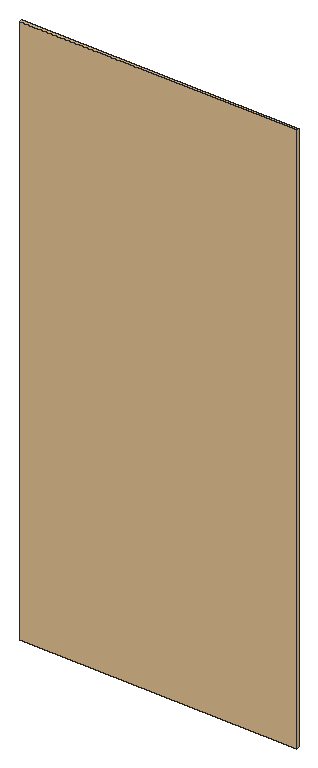
Revit family "American Walnut Veneer Chevron", category Generic Models, Revit 2017
Family settings
  Can host rebar = No
  Round Connector Dimension = Use Diameter
  Part Type = Normal
  Work Plane-Based = No
  Always vertical = Yes
  Cut with Voids When Loaded = No
  Shared = Yes
  Room Calculation Point = No
Parameters (values of type "2400 x 1200")
  Raw Finish Code = "EX24 AW-CHE"  # constant formula
  Material = none
  URL = "https://www.easycraft.com.au/products/253/expression-series"
  Panel_width = 1200 mm  # constant formula
  Panel_thickness = 10 mm  # constant formula
  Model = "Expression Series - Chevron"  # constant formula
  Manufacturer = "Easycraft Australia Pty Ltd ph 07 3906 7200"  # constant formula
  Panel_height = 2400 mm  # constant formula
  Description = "American Walnut Veneer"  # constant formula
  Clear Finish Code = "EX24 AW-CHE-CF"  # constant formula
  Assembly Code = ""
Reference planes
  plane 1 "Center (Front/Back)": y = 0
  plane 2: z = 0
  plane 3 "Center (Left/Right)": x = 0
  plane 4 "Panel face": y = -10
  plane 5: z = 2400
Forms (mm)
  Extrusion 1, solid, material "American Walnut Veneer"
    sketch origin (0, 0, 0) x (1, 0, 0) y (0, 1, 0)
      loop
        line (0, 0) -> (0, -10) -> (1200, -10) -> (1200, 0) -> (0, 0)
    from 0 to 2400
Lines and regions (mm)
  model lines, style "easycraft expressions pattern"
    curve 1: line (1050.456, -10, 0) -> (1050.456, -10, 2400)
    curve 2: line (748.908, -10, 0) -> (748.908, -10, 2288.818)
    curve 3: line (450.864, -10, 0) -> (450.864, -10, 2288.818)
    curve 4: line (149.317, -10, 0) -> (149.317, -10, 2400)
    curve 5: line (1200, -10, 58.221) -> (1141.551, -10, 0)
    curve 6: line (959.361, -10, 0) -> (899.799, -10, 59.562)
    curve 7: line (899.799, -10, 59.562) -> (840.003, -10, 0)
    curve 8: line (661.317, -10, 0) -> (601.755, -10, 59.562)
    curve 9: line (601.755, -10, 59.562) -> (538.689, -10, 0)
    curve 10: line (359.769, -10, 0) -> (300.207, -10, 59.562)
    curve 11: line (300.207, -10, 59.562) -> (240.645, -10, 0)
    curve 12: line (58.222, -10, 0) -> (0, -10, 58.222)
    curve 13: line (300.207, -10, 2400) -> (300.207, -10, 0)
    curve 14: line (601.755, -10, 2400) -> (601.755, -10, 0)
    curve 15: line (899.799, -10, 2400) -> (899.799, -10, 0)
    curve 16: line (0, -10, 198.368) -> (149.317, -10, 49.051)
    curve 17: line (149.317, -10, 49.051) -> (300.207, -10, 199.708)
    curve 18: line (300.207, -10, 199.708) -> (450.864, -10, 49.051)
    curve 19: line (450.864, -10, 49.051) -> (601.755, -10, 199.708)
    curve 20: line (601.755, -10, 199.708) -> (748.908, -10, 49.051)
    curve 21: line (748.908, -10, 49.051) -> (899.799, -10, 199.708)
    curve 22: line (899.799, -10, 199.708) -> (1050.456, -10, 49.051)
    curve 23: line (1050.456, -10, 49.051) -> (1200, -10, 198.364)
    curve 24: line (1200, -10, 338.741) -> (1050.456, -10, 189.197)
    curve 25: line (1050.456, -10, 189.197) -> (899.799, -10, 340.088)
    curve 26: line (899.799, -10, 340.088) -> (748.908, -10, 189.197)
    curve 27: line (748.908, -10, 189.197) -> (601.755, -10, 340.088)
    curve 28: line (601.755, -10, 340.088) -> (450.864, -10, 189.197)
    curve 29: line (450.864, -10, 189.197) -> (300.207, -10, 340.088)
    curve 30: line (300.207, -10, 340.088) -> (149.317, -10, 189.197)
    curve 31: line (149.317, -10, 189.197) -> (0, -10, 338.746)
    curve 32: line (0, -10, 478.894) -> (149.317, -10, 329.577)
    curve 33: line (149.317, -10, 329.577) -> (300.207, -10, 480.234)
    curve 34: line (300.207, -10, 480.234) -> (450.864, -10, 329.577)
    curve 35: line (450.864, -10, 329.577) -> (601.755, -10, 480.234)
    curve 36: line (601.755, -10, 480.234) -> (748.908, -10, 329.577)
    curve 37: line (748.908, -10, 329.577) -> (899.799, -10, 480.234)
    curve 38: line (899.799, -10, 480.234) -> (1050.456, -10, 329.577)
    curve 39: line (1050.456, -10, 329.577) -> (1200, -10, 478.89)
    curve 40: line (1200, -10, 619.036) -> (1050.456, -10, 469.723)
    curve 41: line (1050.456, -10, 469.723) -> (899.799, -10, 620.38)
    curve 42: line (899.799, -10, 620.38) -> (748.908, -10, 469.723)
    curve 43: line (748.908, -10, 469.723) -> (601.755, -10, 620.38)
    curve 44: line (601.755, -10, 620.38) -> (450.864, -10, 469.723)
    curve 45: line (450.864, -10, 469.723) -> (300.207, -10, 620.38)
    curve 46: line (300.207, -10, 620.38) -> (149.317, -10, 469.723)
    curve 47: line (149.317, -10, 469.723) -> (0, -10, 619.04)
    curve 48: line (0, -10, 759.417) -> (149.317, -10, 609.869)
    curve 49: line (149.317, -10, 609.869) -> (300.207, -10, 760.759)
    curve 50: line (300.207, -10, 760.759) -> (450.864, -10, 609.869)
    curve 51: line (450.864, -10, 609.869) -> (601.755, -10, 760.759)
    curve 52: line (601.755, -10, 760.759) -> (748.908, -10, 609.869)
    curve 53: line (748.908, -10, 609.869) -> (899.799, -10, 760.759)
    curve 54: line (899.799, -10, 760.759) -> (1050.456, -10, 609.869)
    curve 55: line (1050.456, -10, 609.869) -> (1200, -10, 759.413)
    curve 56: line (1200, -10, 899.561) -> (1050.456, -10, 750.248)
    curve 57: line (1050.456, -10, 750.248) -> (899.799, -10, 900.905)
    curve 58: line (899.799, -10, 900.905) -> (748.908, -10, 750.248)
    curve 59: line (748.908, -10, 750.248) -> (601.755, -10, 900.905)
    curve 60: line (601.755, -10, 900.905) -> (450.864, -10, 750.248)
    curve 61: line (450.864, -10, 750.248) -> (300.207, -10, 900.905)
    curve 62: line (300.207, -10, 900.905) -> (149.317, -10, 750.248)
    curve 63: line (149.317, -10, 750.248) -> (0, -10, 899.565)
    curve 64: line (0, -10, 1039.711) -> (149.317, -10, 890.394)
    curve 65: line (149.317, -10, 890.394) -> (300.207, -10, 1041.051)
    curve 66: line (300.207, -10, 1041.051) -> (450.864, -10, 890.394)
    curve 67: line (450.864, -10, 890.394) -> (601.755, -10, 1041.051)
    curve 68: line (601.755, -10, 1041.051) -> (748.908, -10, 890.394)
    curve 69: line (748.908, -10, 890.394) -> (899.799, -10, 1041.051)
    curve 70: line (899.799, -10, 1041.051) -> (1050.456, -10, 890.394)
    curve 71: line (1050.456, -10, 890.394) -> (1200, -10, 1039.707)
    curve 72: line (1200, -10, 1179.853) -> (1050.456, -10, 1030.54)
    curve 73: line (1050.456, -10, 1030.54) -> (899.799, -10, 1181.197)
    curve 74: line (899.799, -10, 1181.197) -> (748.908, -10, 1030.54)
    curve 75: line (748.908, -10, 1030.54) -> (601.755, -10, 1181.197)
    curve 76: line (601.755, -10, 1181.197) -> (450.864, -10, 1030.54)
    curve 77: line (450.864, -10, 1030.54) -> (300.207, -10, 1181.197)
    curve 78: line (300.207, -10, 1181.197) -> (149.317, -10, 1030.54)
    curve 79: line (149.317, -10, 1030.54) -> (0, -10, 1179.857)
    curve 80: line (0, -10, 1320.235) -> (149.317, -10, 1170.686)
    curve 81: line (149.317, -10, 1170.686) -> (300.207, -10, 1321.577)
    curve 82: line (300.207, -10, 1321.577) -> (450.864, -10, 1170.686)
    curve 83: line (450.864, -10, 1170.686) -> (601.755, -10, 1321.577)
    curve 84: line (601.755, -10, 1321.577) -> (748.908, -10, 1170.686)
    curve 85: line (748.908, -10, 1170.686) -> (899.799, -10, 1321.577)
    curve 86: line (899.799, -10, 1321.577) -> (1050.456, -10, 1170.686)
    curve 87: line (1050.456, -10, 1170.686) -> (1200, -10, 1320.231)
    curve 88: line (1200, -10, 1460.379) -> (1050.456, -10, 1311.066)
    curve 89: line (1050.456, -10, 1311.066) -> (899.799, -10, 1461.723)
    curve 90: line (899.799, -10, 1461.723) -> (748.908, -10, 1311.066)
    curve 91: line (748.908, -10, 1311.066) -> (601.755, -10, 1461.723)
    curve 92: line (601.755, -10, 1461.723) -> (450.864, -10, 1311.066)
    curve 93: line (450.864, -10, 1311.066) -> (300.207, -10, 1461.723)
    curve 94: line (300.207, -10, 1461.723) -> (149.317, -10, 1311.066)
    curve 95: line (149.317, -10, 1311.066) -> (0, -10, 1460.383)
    curve 96: line (0, -10, 1600.529) -> (149.317, -10, 1451.212)
    curve 97: line (149.317, -10, 1451.212) -> (300.207, -10, 1601.869)
    curve 98: line (300.207, -10, 1601.869) -> (450.864, -10, 1451.212)
    curve 99: line (450.864, -10, 1451.212) -> (601.755, -10, 1601.869)
    curve 100: line (601.755, -10, 1601.869) -> (748.908, -10, 1451.212)
    curve 101: line (748.908, -10, 1451.212) -> (899.799, -10, 1601.869)
    curve 102: line (899.799, -10, 1601.869) -> (1050.456, -10, 1451.212)
    curve 103: line (1050.456, -10, 1451.212) -> (1200, -10, 1600.525)
    curve 104: line (1200, -10, 1737.198) -> (1050.456, -10, 1591.358)
    curve 105: line (1050.456, -10, 1591.358) -> (899.799, -10, 1738.511)
    curve 106: line (899.799, -10, 1738.511) -> (748.908, -10, 1591.358)
    curve 107: line (748.908, -10, 1591.358) -> (601.755, -10, 1738.511)
    curve 108: line (601.755, -10, 1738.511) -> (450.864, -10, 1591.358)
    curve 109: line (450.864, -10, 1591.358) -> (300.207, -10, 1738.511)
    curve 110: line (300.207, -10, 1738.511) -> (149.317, -10, 1591.358)
    curve 111: line (149.317, -10, 1591.358) -> (0, -10, 1737.202)
    curve 112: line (0, -10, 1877.58) -> (149.317, -10, 1731.504)
    curve 113: line (149.317, -10, 1731.504) -> (300.207, -10, 1878.891)
    curve 114: line (300.207, -10, 1878.891) -> (450.864, -10, 1731.504)
    curve 115: line (450.864, -10, 1731.504) -> (601.755, -10, 1878.891)
    curve 116: line (601.755, -10, 1878.891) -> (748.908, -10, 1731.504)
    curve 117: line (748.908, -10, 1731.504) -> (899.799, -10, 1878.891)
    curve 118: line (899.799, -10, 1878.891) -> (1050.456, -10, 1731.504)
    curve 119: line (1050.456, -10, 1731.504) -> (1200, -10, 1877.576)
    curve 120: line (1200, -10, 2017.724) -> (1050.456, -10, 1871.883)
    curve 121: line (1050.456, -10, 1871.883) -> (899.799, -10, 2019.036)
    curve 122: line (899.799, -10, 2019.036) -> (748.908, -10, 1871.883)
    curve 123: line (748.908, -10, 1871.883) -> (601.755, -10, 2019.036)
    curve 124: line (601.755, -10, 2019.036) -> (450.864, -10, 1871.883)
    curve 125: line (450.864, -10, 1871.883) -> (300.207, -10, 2019.036)
    curve 126: line (300.207, -10, 2019.036) -> (149.317, -10, 1871.883)
    curve 127: line (149.317, -10, 1871.883) -> (0, -10, 2017.728)
    curve 128: line (0, -10, 2157.842) -> (149.317, -10, 2008.526)
    curve 129: line (149.317, -10, 2008.526) -> (300.207, -10, 2159.182)
    curve 130: line (300.207, -10, 2159.182) -> (450.864, -10, 2008.526)
    curve 131: line (450.864, -10, 2008.526) -> (601.755, -10, 2159.182)
    curve 132: line (601.755, -10, 2159.182) -> (748.908, -10, 2008.526)
    curve 133: line (748.908, -10, 2008.526) -> (899.799, -10, 2159.182)
    curve 134: line (899.799, -10, 2159.182) -> (1050.456, -10, 2008.526)
    curve 135: line (1050.456, -10, 2008.526) -> (1200, -10, 2157.838)
    curve 136: line (1200, -10, 2297.984) -> (1050.456, -10, 2148.672)
    curve 137: line (1050.456, -10, 2148.672) -> (899.799, -10, 2299.328)
    curve 138: line (899.799, -10, 2299.328) -> (748.908, -10, 2148.672)
    curve 139: line (748.908, -10, 2148.672) -> (601.755, -10, 2299.328)
    curve 140: line (601.755, -10, 2299.328) -> (450.864, -10, 2148.672)
    curve 141: line (450.864, -10, 2148.672) -> (300.207, -10, 2299.328)
    curve 142: line (300.207, -10, 2299.328) -> (149.317, -10, 2148.672)
    curve 143: line (149.317, -10, 2148.672) -> (0, -10, 2297.988)
    curve 144: line (38.307, -10, 2400) -> (149.317, -10, 2288.818)
    curve 145: line (149.317, -10, 2288.818) -> (260.499, -10, 2400)
    curve 146: line (339.854, -10, 2400) -> (450.864, -10, 2288.818)
    curve 147: line (450.864, -10, 2288.818) -> (562.047, -10, 2400)
    curve 148: line (640.479, -10, 2400) -> (748.908, -10, 2288.818)
    curve 149: line (748.908, -10, 2288.818) -> (860.091, -10, 2400)
    curve 150: line (939.445, -10, 2400) -> (1050.456, -10, 2288.818)
    curve 151: line (1050.456, -10, 2288.818) -> (1161.638, -10, 2400)
Dimensions and locks
  "Panel_height": plane 5 to plane 2
  "Panel_thickness": plane 4 "Panel face" to plane 1 "Center (Front/Back)"
  "Panel_width": Extrusion 1 to plane 3 "Center (Left/Right)"
  aligned and locked: level to plane 2
  aligned and locked: Extrusion 1 to level
  aligned and locked: plane 4 "Panel face" to Extrusion 1
  aligned and locked: Extrusion 1 to plane 5
Automatic sketch dimensions
  Extrusion 1 sketch curve to plane 3 "Center (Left/Right)" = 0 mm
  plane 4 "Panel face" to Extrusion 1 sketch curve = 0 mm
  plane 1 "Center (Front/Back)" to Extrusion 1 sketch curve = 0 mm
  Extrusion 1 sketch curve to Extrusion 1 sketch curve = 1200 mm
  curve 48 to plane 3 "Center (Left/Right)" = 0 mm
  curve 111 to plane 3 "Center (Left/Right)" = 0 mm
  curve 112 to plane 3 "Center (Left/Right)" = 0 mm
  curve 95 to plane 3 "Center (Left/Right)" = 0 mm
  curve 64 to plane 3 "Center (Left/Right)" = 0 mm
  curve 96 to plane 3 "Center (Left/Right)" = 0 mm
  curve 32 to plane 3 "Center (Left/Right)" = 0 mm
  curve 63 to plane 3 "Center (Left/Right)" = 0 mm
  curve 31 to plane 3 "Center (Left/Right)" = 0 mm
  curve 128 to plane 3 "Center (Left/Right)" = 0 mm
  curve 127 to plane 3 "Center (Left/Right)" = 0 mm
  curve 47 to plane 3 "Center (Left/Right)" = 0 mm
  curve 143 to plane 3 "Center (Left/Right)" = 0 mm
  curve 79 to plane 3 "Center (Left/Right)" = 0 mm
  curve 80 to plane 3 "Center (Left/Right)" = 0 mm
  curve 16 to plane 3 "Center (Left/Right)" = 0 mm
  curve 12 to plane 3 "Center (Left/Right)" = 0 mm
  curve 12 to level = 0 mm
  curve 4 to level = 0 mm
  curve 11 to level = 0 mm
  curve 13 to level = 0 mm
  curve 10 to level = 0 mm
  curve 3 to level = 0 mm
  curve 9 to level = 0 mm
  curve 14 to level = 0 mm
  curve 8 to level = 0 mm
  curve 2 to level = 0 mm
  curve 7 to level = 0 mm
  curve 15 to level = 0 mm
  curve 6 to level = 0 mm
  curve 1 to plane 5 = 0 mm
  curve 1 to level = 0 mm
  curve 5 to level = 0 mm
  curve 151 to plane 5 = 0 mm
  plane 3 "Center (Left/Right)" to curve 126 = 149.317 mm
  plane 3 "Center (Left/Right)" to curve 29 = 300.207 mm
  curve 29 to curve 35 = 150.657 mm
  curve 76 to curve 67 = 0 mm
  curve 66 to curve 60 = 0 mm
  curve 82 to curve 76 = 0 mm
  plane 5 to curve 146 = 111.182 mm
  curve 76 to curve 67 = 150.891 mm
  curve 67 to curve 59 = 0 mm
  curve 126 to curve 107 = 452.438 mm
  curve 59 to curve 52 = 0 mm
  curve 124 to curve 107 = 0 mm
  curve 51 to curve 44 = 0 mm
  plane 5 to curve 139 = 100.672 mm
  curve 146 to curve 139 = 150.891 mm
  curve 75 to curve 67 = 0 mm
  curve 43 to curve 36 = 0 mm
  curve 35 to curve 28 = 0 mm
  curve 107 to curve 99 = 0 mm
  level to curve 20 = 199.708 mm
  curve 27 to curve 20 = 0 mm
  curve 147 to curve 139 = 39.708 mm
  curve 75 to curve 84 = 147.153 mm
  curve 84 to curve 75 = 0 mm
  curve 107 to curve 122 = 147.153 mm
  curve 90 to curve 84 = 0 mm
  curve 74 to curve 69 = 0 mm
  curve 68 to curve 59 = 0 mm
  curve 58 to curve 53 = 0 mm
  curve 52 to curve 43 = 0 mm
  curve 132 to curve 122 = 0 mm
  level to curve 27 = 189.197 mm
  curve 19 to curve 27 = 147.153 mm
  curve 100 to curve 90 = 0 mm
  curve 122 to curve 106 = 150.891 mm
  level to curve 26 = 340.088 mm
  curve 37 to curve 25 = 0 mm
  plane 5 to curve 138 = 100.672 mm
  curve 139 to curve 138 = 298.044 mm
  curve 100 to curve 90 = 150.891 mm
  curve 137 to curve 150 = 39.647 mm
  curve 41 to curve 37 = 0 mm
  curve 89 to curve 86 = 0 mm
  curve 85 to curve 74 = 0 mm
  curve 53 to curve 41 = 0 mm
  curve 57 to curve 53 = 0 mm
  plane 5 to curve 121 = 380.964 mm
  curve 132 to curve 121 = 150.891 mm
  curve 73 to curve 69 = 0 mm
  curve 53 to curve 57 = 150.657 mm
  curve 70 to curve 56 = 0 mm
  curve 105 to curve 119 = 150.657 mm
  curve 56 to curve 55 = 0 mm  (x2)
  curve 72 to curve 70 = 0 mm
  curve 86 to curve 72 = 0 mm
  level to curve 41 = 469.723 mm
  curve 54 to curve 41 = 0 mm
  curve 88 to curve 86 = 0 mm
  curve 102 to curve 88 = 0 mm
  plane 5 to curve 136 = 251.328 mm
  curve 121 to curve 136 = 150.657 mm
  level to curve 39 = 329.577 mm
  curve 40 to curve 39 = 0 mm  (x2)
  curve 19 to curve 34 = 129.869 mm
  curve 34 to curve 30 = 10.511 mm
  curve 19 to curve 27 = 140.38 mm
  curve 27 to curve 43 = 129.635 mm
  curve 25 to curve 38 = 140.146 mm
  curve 27 to curve 36 = 140.146 mm
  curve 42 to curve 53 = 140.146 mm
  curve 40 to curve 54 = 140.146 mm
  curve 37 to curve 42 = 140.146 mm
  curve 35 to curve 43 = 140.146 mm
  curve 43 to curve 61 = 129.869 mm
  curve 52 to curve 59 = 140.38 mm
  curve 54 to curve 57 = 140.38 mm
  curve 41 to curve 54 = 140.38 mm
  curve 43 to curve 51 = 140.38 mm
  curve 60 to curve 67 = 140.146 mm
  curve 56 to curve 71 = 140.146 mm  (x2)
  curve 58 to curve 69 = 140.146 mm
  curve 53 to curve 57 = 140.146 mm
  curve 51 to curve 59 = 140.146 mm
  curve 70 to curve 72 = 140.146 mm
  curve 66 to curve 77 = 140.146 mm
  curve 68 to curve 74 = 140.146 mm
  curve 57 to curve 70 = 140.146 mm
  curve 59 to curve 67 = 140.146 mm
  curve 72 to curve 87 = 140.146 mm
  curve 74 to curve 85 = 140.146 mm
  curve 76 to curve 83 = 140.146 mm
  curve 67 to curve 75 = 140.146 mm
  curve 69 to curve 74 = 140.146 mm
  curve 84 to curve 91 = 140.38 mm
  curve 86 to curve 89 = 140.38 mm
  curve 73 to curve 86 = 140.38 mm
  curve 88 to curve 102 = 140.146 mm
  curve 90 to curve 101 = 140.146 mm
  curve 85 to curve 90 = 140.146 mm
  curve 100 to curve 99 = 150.657 mm
  curve 102 to curve 118 = 280.292 mm
  curve 118 to curve 105 = 7.007 mm
  curve 99 to curve 108 = 136.642 mm
  curve 107 to curve 126 = 133.372 mm
  curve 107 to curve 122 = 133.372 mm
  curve 122 to curve 133 = 136.642 mm
  curve 132 to curve 123 = 10.511 mm
  plane 3 "Center (Left/Right)" to curve 12 = 58.222 mm
  plane 3 "Center (Left/Right)" to curve 48 = 149.317 mm
  curve 4 to curve 11 = 91.328 mm
  curve 126 to curve 114 = 150.891 mm
  curve 145 to curve 13 = 39.708 mm
  curve 145 to curve 146 = 79.355 mm
  curve 13 to curve 10 = 59.562 mm  (x2)
  curve 44 to curve 34 = 0 mm
  curve 3 to curve 9 = 87.825 mm
  curve 99 to curve 92 = 0 mm
  curve 14 to curve 8 = 59.562 mm  (x2)
  curve 107 to curve 100 = 0 mm
  curve 2 to curve 7 = 91.095 mm
  level to curve 22 = 199.708 mm
  curve 25 to curve 22 = 0 mm
  curve 15 to curve 6 = 59.562 mm  (x2)
  curve 120 to curve 118 = 0 mm
  curve 1 to curve 5 = 91.095 mm
  curve 1 to curve 151 = 111.182 mm
  plane 5 to curve 135 = 242.162 mm
  curve 136 to curve 135 = 149.544 mm
  level to curve 39 = 478.89 mm
  curve 40 to curve 39 = 149.544 mm
  curve 55 to curve 40 = 0 mm
  curve 71 to curve 56 = 0 mm
  plane 5 to curve 136 = 102.016 mm
  curve 151 to curve 136 = 38.362 mm
  plane 5 to curve 120 = 382.276 mm
  curve 135 to curve 120 = 0 mm
  level to curve 24 = 338.741 mm
  curve 39 to curve 24 = 0 mm
  level to curve 5 = 58.221 mm
  curve 5 to curve 5 = 58.449 mm
  plane 5 to curve 119 = 522.424 mm
  curve 120 to curve 119 = 0 mm
  curve 88 to curve 87 = 149.544 mm
  curve 88 to curve 87 = 0 mm
  curve 103 to curve 88 = 0 mm
  curve 72 to curve 71 = 0 mm
  curve 104 to curve 103 = 0 mm
  level to curve 23 = 198.364 mm
  curve 23 to curve 5 = 0 mm
  curve 3 to curve 18 = 49.051 mm
  curve 4 to curve 17 = 49.051 mm
  curve 19 to curve 18 = 0 mm
  curve 2 to curve 20 = 49.051 mm
  curve 21 to curve 20 = 0 mm
  curve 1 to curve 22 = 49.051 mm
  curve 16 to curve 17 = 0 mm
  curve 23 to curve 22 = 0 mm
  level to curve 12 = 58.222 mm
  curve 7 to curve 6 = 0 mm
  curve 9 to curve 8 = 0 mm
  curve 11 to curve 10 = 0 mm
  curve 18 to curve 28 = 140.146 mm
  curve 29 to curve 28 = 0 mm
  curve 17 to curve 30 = 140.146 mm
  curve 31 to curve 30 = 0 mm
  curve 22 to curve 25 = 140.146 mm
  curve 24 to curve 25 = 0 mm
  curve 12 to curve 16 = 140.146 mm
  curve 21 to curve 22 = 0 mm
  curve 10 to curve 17 = 140.146 mm
  curve 18 to curve 17 = 0 mm
  curve 30 to curve 33 = 140.38 mm
  curve 36 to curve 42 = 140.146 mm
  curve 37 to curve 36 = 0 mm
  curve 32 to curve 33 = 0 mm
  curve 16 to curve 31 = 140.377 mm
  curve 34 to curve 45 = 140.146 mm
  curve 33 to curve 46 = 140.146 mm  (x2)
  curve 47 to curve 46 = 0 mm
  curve 44 to curve 45 = 0 mm
  curve 31 to curve 32 = 140.148 mm
  curve 29 to curve 33 = 140.146 mm
  curve 34 to curve 33 = 0 mm
  curve 46 to curve 49 = 140.146 mm
  curve 44 to curve 50 = 140.146 mm
  curve 51 to curve 50 = 0 mm
  curve 48 to curve 49 = 0 mm
  curve 39 to curve 40 = 140.146 mm
  curve 32 to curve 47 = 140.146 mm
  curve 45 to curve 46 = 0 mm
  curve 49 to curve 63 = 140.38 mm
  curve 62 to curve 63 = 0 mm
  curve 40 to curve 55 = 140.377 mm
  curve 47 to curve 48 = 140.377 mm
  curve 46 to curve 50 = 140.38 mm
  curve 49 to curve 50 = 0 mm
  curve 63 to curve 65 = 140.146 mm
  curve 64 to curve 65 = 0 mm
  curve 55 to curve 56 = 140.148 mm
  curve 48 to curve 63 = 140.148 mm
  curve 49 to curve 61 = 140.146 mm
  curve 62 to curve 61 = 0 mm
  curve 64 to curve 78 = 140.146 mm
  curve 79 to curve 78 = 0 mm
  curve 63 to curve 64 = 140.146 mm
  curve 61 to curve 66 = 140.146 mm
  curve 65 to curve 66 = 0 mm
  curve 78 to curve 81 = 140.146 mm
  curve 80 to curve 81 = 0 mm
  curve 71 to curve 72 = 140.146 mm
  curve 64 to curve 79 = 140.146 mm
  curve 66 to curve 78 = 140.146 mm
  curve 77 to curve 78 = 0 mm
  curve 81 to curve 95 = 140.38 mm
  curve 82 to curve 93 = 140.38 mm
  curve 94 to curve 95 = 0 mm
  curve 92 to curve 93 = 0 mm
  curve 72 to curve 87 = 140.377 mm
  curve 79 to curve 80 = 140.377 mm
  curve 78 to curve 81 = 140.38 mm
  curve 82 to curve 81 = 0 mm
  curve 75 to curve 83 = 140.38 mm
  curve 84 to curve 83 = 0 mm
  curve 94 to curve 97 = 140.146 mm
  curve 93 to curve 98 = 140.146 mm  (x2)
  curve 99 to curve 98 = 0 mm
  curve 96 to curve 97 = 0 mm
  curve 87 to curve 88 = 140.148 mm
  curve 80 to curve 95 = 140.148 mm
  curve 82 to curve 94 = 140.146 mm
  curve 93 to curve 94 = 0 mm
  curve 91 to curve 99 = 140.146 mm
  curve 92 to curve 91 = 0 mm
  curve 97 to curve 111 = 140.146 mm
  curve 110 to curve 111 = 0 mm
  curve 98 to curve 109 = 140.146 mm
  curve 102 to curve 105 = 140.146 mm
  curve 100 to curve 106 = 140.146 mm
  curve 107 to curve 106 = 0 mm
  curve 108 to curve 109 = 0 mm
  curve 104 to curve 105 = 0 mm
  curve 88 to curve 103 = 140.146 mm
  curve 95 to curve 96 = 140.146 mm
  curve 102 to curve 105 = 136.642 mm
  curve 97 to curve 98 = 0 mm
  curve 101 to curve 102 = 0 mm
  curve 106 to curve 117 = 140.146 mm
  curve 108 to curve 115 = 140.146 mm
  curve 114 to curve 115 = 0 mm
  curve 110 to curve 113 = 140.146 mm
  curve 112 to curve 113 = 0 mm
  curve 116 to curve 117 = 0 mm
  curve 103 to curve 104 = 136.674 mm
  curve 96 to curve 111 = 136.673 mm
  curve 97 to curve 110 = 136.642 mm
  curve 109 to curve 110 = 0 mm
  curve 114 to curve 125 = 140.38 mm
  curve 118 to curve 121 = 140.38 mm
  curve 124 to curve 125 = 0 mm
  curve 120 to curve 121 = 0 mm
  curve 111 to curve 112 = 140.377 mm
  curve 118 to curve 121 = 140.146 mm
  curve 109 to curve 114 = 140.38 mm
  curve 113 to curve 114 = 0 mm
  curve 117 to curve 118 = 0 mm
  curve 115 to curve 123 = 140.146 mm
  curve 116 to curve 115 = 0 mm
  curve 120 to curve 135 = 136.642 mm
  curve 134 to curve 135 = 0 mm
  curve 124 to curve 131 = 136.642 mm
  curve 130 to curve 131 = 0 mm
  curve 126 to curve 129 = 136.642 mm
  curve 128 to curve 129 = 0 mm
  curve 112 to curve 127 = 140.148 mm
  curve 113 to curve 126 = 140.146 mm
  curve 125 to curve 126 = 0 mm
  curve 130 to curve 141 = 140.146 mm
  curve 132 to curve 139 = 140.146 mm
  curve 128 to curve 142 = 140.146 mm
  curve 143 to curve 142 = 0 mm
  curve 138 to curve 139 = 0 mm
  curve 140 to curve 141 = 0 mm
  curve 127 to curve 128 = 140.115 mm
  curve 121 to curve 134 = 140.146 mm
  curve 123 to curve 132 = 140.146 mm
  curve 126 to curve 129 = 140.146 mm
  curve 133 to curve 134 = 0 mm
  curve 131 to curve 132 = 0 mm
  curve 130 to curve 129 = 0 mm
  plane 5 to curve 150 = 111.182 mm
  curve 151 to curve 150 = 0 mm
  curve 145 to curve 4 = 111.182 mm
  curve 144 to curve 145 = 0 mm
  curve 149 to curve 148 = 0 mm
  plane 5 to curve 143 = 102.012 mm
  curve 142 to curve 13 = 100.672 mm
  curve 141 to curve 142 = 0 mm
  curve 149 to curve 15 = 39.708 mm
  curve 150 to plane 5 = 0 mm
  curve 3 to curve 146 = 0 mm
  curve 15 to plane 5 = 0 mm
  curve 149 to plane 5 = 0 mm
  curve 149 to curve 150 = 79.355 mm
  plane 5 to curve 148 = 111.182 mm
  curve 148 to plane 5 = 0 mm
  curve 14 to curve 148 = 38.725 mm
  curve 14 to plane 5 = 0 mm
  curve 147 to plane 5 = 0 mm
  curve 146 to plane 5 = 0 mm
  curve 13 to plane 5 = 0 mm
  curve 144 to plane 5 = 0 mm
  curve 145 to plane 5 = 0 mm
  curve 4 to plane 5 = 0 mm
  plane 3 "Center (Left/Right)" to curve 144 = 38.307 mm
  curve 92 to curve 83 = 0 mm
